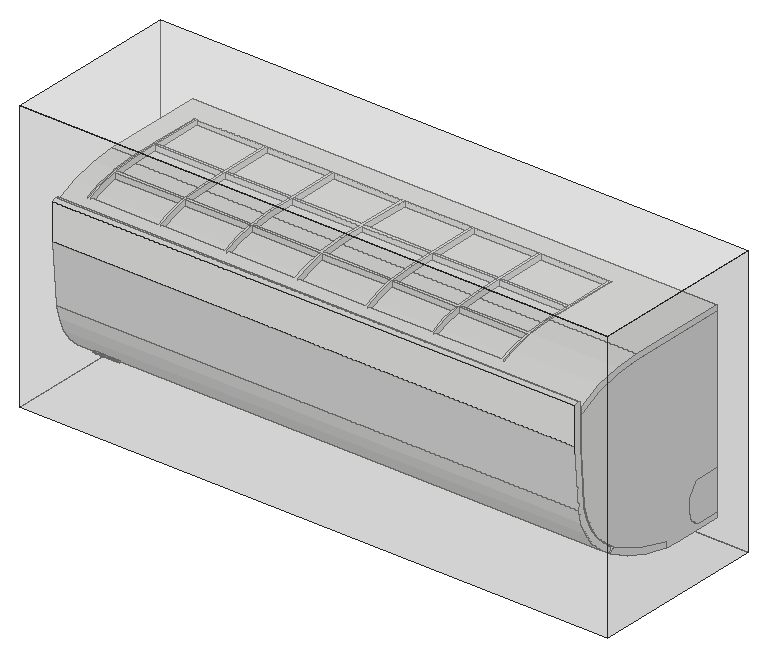
Revit family "outputfile", category 機械設備, Revit 2024
Family settings
  丸型コネクタ寸法 = 半径を使用
  パーツ タイプ = 標準
  OmniClass 番号 = 23.75.10.24.21.27.27
  OmniClass タイトル = Split System Air Conditioning Units
  作業面ベース = いいえ
  常に垂直 = はい
  ロード時にボイドで切り取り = いいえ
  注釈の向きを維持 = いいえ
  共有 = いいえ
  部屋計算ポイント = いいえ
Parameters (values of type "FXAQ25AVMS")
  Description = ""
  製造元 = "Daikin"
  書き出し IFC クラス(タイプ) = "IfcUnitaryEquipmentType"
  定義済み IFC タイプ(タイプ) = "AIRCONDITIONINGUNIT"
  Cost = 0
  モデル = "FXAQ25AVMS"
  Type Comments = ""
  Keynote = ""
  Type Image = (empty or 0)
  Assembly Code = ""
  w3_Indoor air flow = if(Width = 1050.0 mm, 109.0 mm, 1.0 mm)  # 1.0 mm
  w2_Indoor air flow = if(Width = 1050.0 mm, 103.0 mm, 98.0 mm)  # 98.0 mm
  w1_Indoor air flow = if(Width = 1050.0 mm, 108.0 mm, 103.0 mm)  # 103.0 mm
  r_Liquid Pipe Size = Liquid Pipe Size / 2  # 3.2 mm
  r_Gas Pipe Size = Gas Pipe Size / 2  # 6.35 mm
  r_Drain Pipe Size = Drain Pipe Size / 2  # 7.5 mm
  lw_powersupply [instance] = if(Width = 795.0 mm, if(or(Rear Right Connection_refrigerant, Bottom Right Connection_refrigerant), 83.0 mm, if(or(Rear Left Connection_refrigerant, Bottom Left Connection_refrigerant), 740.0 mm, 400.0 mm)), if(Width = 1050.0 mm, if(or(Rear Right Connection_refrigerant, Bottom Right Connection_refrigerant), 83.0 mm, if(or(Rear Left Connection_refrigerant, Bottom Left Connection_refrigerant), 712.0 mm + (1050.0 mm - 795.0 mm), 400.0 mm)), if(or(Rear Right Connection_refrigerant, Bottom Right Connection_refrigerant), 83.0 mm, if(or(Rear Left Connection_refrigerant, Bottom Left Connection_refrigerant), 712.0 mm, 400.0 mm))))  # 400.0 mm
  lw_liquidpipe [instance] = if(Width = 795.0 mm, if(or(Rear Right Connection_refrigerant, Bottom Right Connection_refrigerant), 0.0 mm, if(or(Rear Left Connection_refrigerant, Bottom Left Connection_refrigerant), 627.0 mm, 460.0 mm)), if(Width = 1050.0 mm, if(or(Rear Right Connection_refrigerant, Bottom Right Connection_refrigerant), 0.0 mm, if(or(Rear Left Connection_refrigerant, Bottom Left Connection_refrigerant), 627.0 mm + (1050.0 mm - 795.0 mm), 460.0 mm)), if(or(Rear Right Connection_refrigerant, Bottom Right Connection_refrigerant), 0.0 mm, if(or(Rear Left Connection_refrigerant, Bottom Left Connection_refrigerant), 627.0 mm, 460.0 mm))))  # 460.0 mm
  lw_gaspipe [instance] = if(Width = 795.0 mm, if(or(Rear Right Connection_refrigerant, Bottom Right Connection_refrigerant), 0.0 mm, if(or(Rear Left Connection_refrigerant, Bottom Left Connection_refrigerant), 620.0 mm, 415.0 mm)), if(Width = 1050.0 mm, if(or(Rear Right Connection_refrigerant, Bottom Right Connection_refrigerant), 0.0 mm, if(or(Rear Left Connection_refrigerant, Bottom Left Connection_refrigerant), 620.0 mm + (1050.0 mm - 795.0 mm), 415.0 mm)), if(or(Rear Right Connection_refrigerant, Bottom Right Connection_refrigerant), 0.0 mm, if(or(Rear Left Connection_refrigerant, Bottom Left Connection_refrigerant), 620.0 mm, 415.0 mm))))  # 415.0 mm
  lw_drainpipe [instance] = if(Width = 795.0 mm, if(or(Rear Right Connection_refrigerant, Bottom Right Connection_refrigerant), 0.0 mm, if(or(Rear Left Connection_refrigerant, Bottom Left Connection_refrigerant), 655.0 mm, 475.0 mm)), if(Width = 1050.0 mm, if(or(Rear Right Connection_refrigerant, Bottom Right Connection_refrigerant), 0.0 mm, if(or(Rear Left Connection_refrigerant, Bottom Left Connection_refrigerant), 655.0 mm + (1050.0 mm - 795.0 mm), 475.0 mm)), if(or(Rear Right Connection_refrigerant, Bottom Right Connection_refrigerant), 0.0 mm, if(or(Rear Left Connection_refrigerant, Bottom Left Connection_refrigerant), 655.0 mm, 475.0 mm))))  # 475.0 mm
  l_powersupply_length [instance] = if(Width = 795.0 mm, if(Right Connection_refrigerant, 400.0 mm, if(Left Connection_refrigerant, 395.0 mm, if(or(Rear Left Connection_refrigerant, Rear Right Connection_refrigerant), 15.0 mm, 50.0 mm))), if(Width = 1050.0 mm, if(Right Connection_refrigerant, 400.0 mm, if(Left Connection_refrigerant, 395.0 mm + (1050.0 mm - 795.0 mm), if(or(Rear Left Connection_refrigerant, Rear Right Connection_refrigerant), 15.0 mm, 50.0 mm))), if(Right Connection_refrigerant, 400.0 mm, if(Left Connection_refrigerant, 395.0 mm, if(or(Rear Left Connection_refrigerant, Rear Right Connection_refrigerant), 15.0 mm, 50.0 mm)))))  # 400.0 mm
  l_liquidpipe_length [instance] = if(Width = 795.0 mm, if(Right Connection_refrigerant, 558.0 mm, if(Left Connection_refrigerant, 237.0 mm, if(or(Rear Left Connection_refrigerant, Rear Right Connection_refrigerant), 30.0 mm, 40.0 mm))), if(Width = 1050.0 mm, if(Right Connection_refrigerant, 558.0 mm, if(Left Connection_refrigerant, 237.0 mm + (1050.0 mm - 795.0 mm), if(or(Rear Left Connection_refrigerant, Rear Right Connection_refrigerant), 30.0 mm, 40.0 mm))), if(Right Connection_refrigerant, 558.0 mm, if(Left Connection_refrigerant, 237.0 mm, if(or(Rear Left Connection_refrigerant, Rear Right Connection_refrigerant), 30.0 mm, 40.0 mm)))))  # 558.0 mm
  l_gaspipe_length [instance] = if(Width = 795.0 mm, if(Right Connection_refrigerant, 513.0 mm, if(Left Connection_refrigerant, 282.0 mm, if(or(Rear Left Connection_refrigerant, Rear Right Connection_refrigerant), 40.0 mm, 50.0 mm))), if(Width = 1050.0 mm, if(Right Connection_refrigerant, 513.0 mm, if(Left Connection_refrigerant, 282.0 mm + (1050.0 mm - 795.0 mm), if(or(Rear Left Connection_refrigerant, Rear Right Connection_refrigerant), 40.0 mm, 50.0 mm))), if(Right Connection_refrigerant, 513.0 mm, if(Left Connection_refrigerant, 282.0 mm, if(or(Rear Left Connection_refrigerant, Rear Right Connection_refrigerant), 40.0 mm, 50.0 mm)))))  # 513.0 mm
  l_drainpipe_length [instance] = if(Width = 795.0 mm, if(Right Connection_refrigerant, 573.0 mm, if(Left Connection_refrigerant, 222.0 mm, if(or(Rear Left Connection_refrigerant, Rear Right Connection_refrigerant), 15.0 mm, 20.0 mm))), if(Width = 1050.0 mm, if(Right Connection_refrigerant, 573.0 mm, if(Left Connection_refrigerant, 222.0 mm + (1050.0 mm - 795.0 mm), if(or(Rear Left Connection_refrigerant, Rear Right Connection_refrigerant), 15.0 mm, 20.0 mm))), if(Right Connection_refrigerant, 573.0 mm, if(Left Connection_refrigerant, 477.0 mm, if(or(Rear Left Connection_refrigerant, Rear Right Connection_refrigerant), 15.0 mm, 20.0 mm)))))  # 573.0 mm
  h*** = 0.0 mm  # constant formula
  d1_Indoor air flow = if(Width = 1050.0 mm, 38.0 mm, 35.0 mm)  # 35.0 mm
  angle_vertical [instance] = if(or(Bottom Left Connection_refrigerant, Bottom Right Connection_refrigerant), 0.00°, 90.00°)  # 90.00°
  angle_horizontal [instance] = if(Right Connection_refrigerant, 90.00°, if(Left Connection_refrigerant, -90.00°, if(or(Rear Left Connection_refrigerant, Rear Right Connection_refrigerant), 180.00°, 0.00°)))  # 90.00°
  Width = 795.0 mm
  Voltage_comment_50Hz = "220-240"
  Voltage_50Hz = 230 V
  Version = "ver.1.0"
  Unit Type = "Wall Mounted Type"
  Unit Mass Weight = 12.00 kg
  Unit Designation [instance] = ""
  Uniclass2015Version = "Products v1.30"
  Uniclass2015Title = "Variable refrigerant flow units"
  Uniclass2015Code = "Pr_70_65_03_94"
  URL = ""
  Total Heating Capacity [instance] = 0.000 kW
  Total Cooling Capacity [instance] = 0.000 kW
  Sound Pressure Level_M speed (dBA) = 0
  Sound Pressure Level_L speed (dBA) = 28.5
  Sound Pressure Level_H speed (dBA) = 35
  Sound Power Level_H speed (dB) = 0
  Series = "VRV Fan Coil Unit"
  Sensible Cooling Capacity [instance] = 0.000 kW
  Refrigerant Type = "R410A"
  Power Input (Heating) = 0.040 kW
  Power Input (Cooling) = 0.040 kW
  Phase_50Hz = 1
  Option Accessory 3 [instance] = ""
  Option Accessory 2 [instance] = ""
  Option Accessory 1 [instance] = ""
  Nominal Heating Capacity = 3.200 kW
  Nominal Cooling Capacity = 2.800 kW
  Minimum Circuit Amps_50Hz = 0.6 A
  Minimum Airflow = 420.00 m³/h
  Median Airflow = 0.00 m³/h
  Maximum Fuse Amps_50Hz = 15.0 A
  Maximum Airflow = 564.00 m³/h
  Material_Casing = DAIKIN_White_Casing_indoorunit
  Load Classification = HVAC
  Liquid Pipe Size = 6.4 mm
  Link_Nested Family [instance] = ""
  IfcVersion = "0"
  IfcExportType = "AIRCONDITIONINGUNIT"
  IfcExportAs = "IfcUnitaryEquipmentType"
  Height = 290.0 mm
  Heating Entering Wet Bulb Temperature [instance] = 0.00 °C
  Heating Entering Dry Bulb Temperature [instance] = 0.00 °C
  Heating Ambient Wet Bulb Temperature [instance] = 0.00 °C
  Heating Ambient Dry Bulb Temperature [instance] = 0.00 °C
  Heat Exchanger Type = "Cross Fin Coil"
  Gas Pipe Size = 12.7 mm
  Frequency_50Hz = 50 Hz
  Fan Type = "Cross Flow Fan"
  Fan Drive = "Direct Drive"
  FCU Tag No. [instance] = ""
  Drain Pipe Size = 15.0 mm
  Design Supply Airflow [instance] = 0.00 m³/h
  Depth = 266.0 mm
  既定の高さ = 0.0 mm
  Cooling Entering Wet Bulb Temperature [instance] = 0.00 °C
  Cooling Entering Dry Bulb Temperature [instance] = 0.00 °C
  Cooling Ambient Wet Bulb Temperature [instance] = 0.00 °C
  Cooling Ambient Dry Bulb Temperature [instance] = 0.00 °C
  Clearance visibility [instance] = yes
  Clearance Top = 90.0 mm
  Clearance Right = 50.0 mm
  Clearance Rear = 0.0 mm
  Clearance Left = 50.0 mm
  Clearance Front = 0.0 mm
  Clearance Bottom = 30.0 mm
  Bottom Right Connection_refrigerant [instance] = no
  Bottom Left Connection_refrigerant [instance] = no
  Rear Right Connection_refrigerant [instance] = no
  Rear Left Connection_refrigerant [instance] = no
  Right Connection_refrigerant [instance] = yes
  Left Connection_refrigerant [instance] = no
Reference planes
  plane 1 "Back": y = 0
  plane 2: z = 0
  plane 3 "Center (Left/Right)": x = 0
  plane 4 "Center (Front/Back)": y = -133
  plane 5 "Front": y = -266
  plane 6 "Left": x = -397.5
  plane 7 "Right": x = 397.5
  plane 8 "Top": z = 0
  plane 9 "Bottom": z = -290
  plane 10 "Front panel_Left": x = -395.5
  plane 11 "Front panel_Right": x = 395.5
  plane 12: x = 261.5
  plane 13: x = 256.5
  plane 14: x = -445.5
  plane 15: x = 445.5
  plane 16: y = 0
  plane 17: y = -266
  plane 18: z = 90
  plane 19: z = -320
  plane 20: y = -35
  plane 21: y = -111.5
  plane 22: y = -187.5
  plane 23: y = -237
  plane 24: y = -115
  plane 25: y = -191
  plane 26: x = -50
  plane 27: x = -52
  plane 28: x = -48
  plane 29: x = 55
  plane 30: x = -155
  plane 31: x = -158
  plane 32: x = 58
  plane 33: x = -256
  plane 34: x = 156
  plane 35: x = -259
  plane 36: x = 159
  plane 37: x = -362
  plane 38: x = 262
  plane 39: x = -365
  plane 40: x = 265
  plane 41: x = 266
  plane 42: x = -366
  plane 43 "lw_Piping and Wiring intake": x = 299.5
  plane 44 "lw_gaspipe": x = -115.5
  plane 45 "lw_liquidpipe": x = -160.5
  plane 46 "lw_drainpipe": x = -175.5
  plane 47 "lh_drainpipe": z = -270
  plane 48 "lh_liquidpipe": z = -250
  plane 49 "lh_gaspipe": z = -240
  plane 50 "ld_drainpipe": y = -15
  plane 51 "ld_liquidpipe": y = -30
  plane 52 "ld_gaspipe": y = -40
  plane 53 "lw_powersupply": x = -2.5
Forms (mm)
  Extrusion 1, solid, material "DAIKIN_White_Casing_indoorunit" <- "Material_Casing"
    sketch origin (0, 0, 0) x (0, 1, 0) y (0, 0, 1)
      loop
        line (0, 0) -> (-151.682, 0)
        arc (-151.682, 0) -> (-205.302, -6.828) -> (-255.5, -26.876) r 213.958
        line (-255.5, -26.876) -> (-255.5, -36.08)
        arc (-255.5, -36.08) -> (-205.456, -15.144) -> (-151.682, -8) r 205.958
        line (-151.682, -8) -> (0, -8) -> (0, 0)
    from -397.5 to 397.5
  Extrusion 2, solid, material "DAIKIN_White_Casing_indoorunit" <- "Material_Casing"
    sketch origin (0, 0, 0) x (0, 1, 0) y (0, 0, 1)
      loop
        arc (-151.682, -8) -> (-205.456, -15.144) -> (-255.5, -36.08) r 205.958
        line (-255.5, -36.08) -> (-255.5, -86.08)
        arc (-255.5, -86.08) -> (-253.87, -125.667) -> (-248.99, -164.986) r 481.435
        arc (-248.99, -164.986) -> (-230.945, -209.78) -> (-195.65, -242.741) r 111.486
        arc (-195.65, -242.741) -> (-147.09, -265.96) -> (-95.247, -280.433) r 310.126
        line (-95.247, -280.433) -> (-95.247, -288.232)
        arc (-95.247, -288.232) -> (-84.534, -289.557) -> (-73.748, -290) r 131.592
        line (-73.748, -290) -> (0, -290) -> (0, -8) -> (-151.682, -8)
    from -397.5 to 397.5
  Extrusion 3, solid, material "DAIKIN_White_Casing_indoorunit" <- "Material_Casing"
    sketch origin (397.5, 1296.25, 1200) x (0, 1, 0) y (0, 0, 1)
      loop
        line (-1491.901, -1442.741) -> (-1496.494, -1450.482)
        arc (-1496.494, -1450.482) -> (-1447.058, -1474.911) -> (-1393.497, -1488.023) r 252.452
        line (-1393.497, -1488.023) -> (-1393.497, -1480.051)
        arc (-1393.497, -1480.051) -> (-1444.293, -1465.6) -> (-1491.901, -1442.741) r 310.126
    from 0 to -40.5
  Extrusion 4, solid, material "DAIKIN_White_Casing_indoorunit" <- "Material_Casing"
    sketch origin (0, 0, 0) x (0, 1, 0) y (0, 0, 1)
      loop
        line (-257, -76.896) -> (-257, -19.457) -> (-258.688, -19.457)
        arc (-258.688, -19.457) -> (-262.551, -20.17) -> (-266, -22.048) r 12.48
        line (-266, -22.048) -> (-266, -76.896) -> (-257, -76.896)
    from -395.5 to 395.5
  Extrusion 5, solid, material "DAIKIN_White_Casing_indoorunit" <- "Material_Casing"
    sketch origin (0, 0, 0) x (0, 1, 0) y (0, 0, 1)
      loop
        arc (-266, -76.896) -> (-264.342, -121.828) -> (-259.378, -166.517) r 609.735
        line (-259.378, -166.517) -> (-250.471, -165.192)
        arc (-250.471, -165.192) -> (-255.366, -121.165) -> (-257, -76.896) r 600.314
        line (-257, -76.896) -> (-266, -76.896)
    from -395.5 to 395.5
  Extrusion 6, solid, material "DAIKIN_White_Casing_indoorunit" <- "Material_Casing"
    sketch origin (0, 0, 0) x (0, 1, 0) y (0, 0, 1)
      loop
        arc (-259.378, -166.517) -> (-240.331, -214.672) -> (-201.947, -249.433) r 114
        line (-201.947, -249.433) -> (-197.324, -241.643)
        arc (-197.324, -241.643) -> (-232.845, -209.638) -> (-250.471, -165.192) r 104.894
        line (-250.471, -165.192) -> (-259.378, -166.517)
    from -395.5 to 395.5
  Extrusion 7, solid, material "DAIKIN_White_Casing_indoorunit" <- "Material_Casing"
    sketch origin (-397.5, 1296.25, 1200) x (0, 1, 0) y (0, 0, 1)
      loop
        arc (-1496.494, -1450.482) -> (-1447.058, -1474.911) -> (-1393.497, -1488.023) r 252.452
        line (-1393.497, -1488.023) -> (-1393.497, -1480.051)
        arc (-1393.497, -1480.051) -> (-1444.293, -1465.6) -> (-1491.901, -1442.741) r 310.126
        line (-1491.901, -1442.741) -> (-1496.494, -1450.482)
    from 0 to 40.5
  Extrusion 8, solid, material "DAIKIN_White_Casing_indoorunit" <- "Material_Casing"
    sketch origin (0, 0, 0) x (0, 1, 0) y (0, 0, 1)
      loop
        arc (-133.049, -280.649) -> (-115.282, -284.985) -> (-97.247, -288.023) r 252.452
        line (-97.247, -288.023) -> (-97.247, -280.051)
        arc (-97.247, -280.051) -> (-113.907, -276.335) -> (-130.338, -271.708) r 310.126
        line (-130.338, -271.708) -> (-133.049, -280.649)
    from -357 to 357
  Extrusion 9, solid, material "DAIKIN_White_Casing_indoorunit" <- "Material_Casing"
    sketch origin (261.5, -1524, 1789.769) x (0, 0, 1) y (0, -1, 0)
      loop
        line (-2032.51, -1328.35) -> (-2040.251, -1323.756)
        arc (-2040.251, -1323.756) -> (-2050.358, -1341.058) -> (-2059.061, -1359.107) r 252.452
        line (-2059.061, -1359.107) -> (-2050.603, -1364.126)
        arc (-2050.603, -1364.126) -> (-2042.135, -1345.945) -> (-2032.51, -1328.35) r 310.126
    from 0 to 95.5
  Extrusion 10, solid, material "DAIKIN_White_Casing_indoorunit" <- "Material_Casing"
    sketch origin (261.5, -1524, 1789.769) x (0, 0, 1) y (0, -1, 0)
      loop
        arc (-2059.061, -1359.107) -> (-2065.273, -1374.839) -> (-2070.418, -1390.951) r 252.452
        line (-2070.418, -1390.951) -> (-2061.477, -1393.662)
        arc (-2061.477, -1393.662) -> (-2056.415, -1378.756) -> (-2050.603, -1364.126) r 310.126
        line (-2050.603, -1364.126) -> (-2059.061, -1359.107)
    from 0 to 95.5
  Extrusion 11, solid, material "DAIKIN_White_Casing_indoorunit" <- "Material_Casing"
    sketch origin (256.5, -1524, 1089.438) x (0, 0, 1) y (0, -1, 0)
      loop
        arc (-1350.272, -1364.126) -> (-1341.805, -1345.945) -> (-1332.179, -1328.35) r 310.126
        line (-1332.179, -1328.35) -> (-1339.92, -1323.756)
        arc (-1339.92, -1323.756) -> (-1350.027, -1341.058) -> (-1358.73, -1359.107) r 252.452
        line (-1358.73, -1359.107) -> (-1350.272, -1364.126)
    from 0 to -613.5
  Extrusion 12, solid, material "DAIKIN_White_Casing_indoorunit" <- "Material_Casing"
    sketch origin (256.5, -1524, 1089.438) x (0, 0, 1) y (0, -1, 0)
      loop
        arc (-1361.147, -1393.662) -> (-1356.085, -1378.756) -> (-1350.272, -1364.126) r 310.126
        line (-1350.272, -1364.126) -> (-1358.73, -1359.107)
        arc (-1358.73, -1359.107) -> (-1364.943, -1374.839) -> (-1370.087, -1390.951) r 252.452
        line (-1370.087, -1390.951) -> (-1361.147, -1393.662)
    from 0 to -613.5
  Extrusion 13, void
    sketch origin (0, 0, 0) x (-1, 0, 0) y (0, -1, 0)
      loop
        line (48, 35) -> (48, 111.5) -> (-55, 111.5) -> (-55, 35) -> (48, 35)
      loop
        line (-58, 35) -> (-58, 111.5) -> (-156, 111.5) -> (-156, 35) -> (-58, 35)
      loop
        line (-159, 35) -> (-159, 111.5) -> (-262, 111.5) -> (-262, 35) -> (-159, 35)
      loop
        line (-265, 35) -> (-265, 111.5) -> (-266, 111.5) -> (-266, 35) -> (-265, 35)
      loop
        line (155, 35) -> (155, 111.5) -> (52, 111.5) -> (52, 35) -> (155, 35)
      loop
        line (-265, 115) -> (-265, 187.5) -> (-266, 187.5) -> (-266, 115) -> (-265, 115)
      loop
        line (-265, 191) -> (-265, 237) -> (-266, 237) -> (-266, 191) -> (-265, 191)
      loop
        line (-159, 237) -> (-262, 237) -> (-262, 191) -> (-159, 191) -> (-159, 237)
      loop
        line (-58, 237) -> (-156, 237) -> (-156, 191) -> (-58, 191) -> (-58, 237)
      loop
        line (-55, 191) -> (48, 191) -> (48, 237) -> (-55, 237) -> (-55, 191)
      loop
        line (155, 237) -> (52, 237) -> (52, 191) -> (155, 191) -> (155, 237)
      loop
        line (256, 237) -> (158, 237) -> (158, 191) -> (256, 191) -> (256, 237)
      loop
        line (362, 237) -> (259, 237) -> (259, 191) -> (362, 191) -> (362, 237)
      loop
        line (158, 35) -> (256, 35) -> (256, 111.5) -> (158, 111.5) -> (158, 35)
      loop
        line (259, 35) -> (362, 35) -> (362, 111.5) -> (259, 111.5) -> (259, 35)
      loop
        line (362, 115) -> (362, 187.5) -> (259, 187.5) -> (259, 115) -> (362, 115)
      loop
        line (256, 115) -> (256, 187.5) -> (158, 187.5) -> (158, 115) -> (256, 115)
      loop
        line (155, 115) -> (155, 187.5) -> (52, 187.5) -> (52, 115) -> (155, 115)
      loop
        line (48, 115) -> (48, 187.5) -> (-55, 187.5) -> (-55, 115) -> (48, 115)
      loop
        line (-58, 115) -> (-58, 187.5) -> (-156, 187.5) -> (-156, 115) -> (-58, 115)
      loop
        line (-159, 115) -> (-159, 187.5) -> (-262, 187.5) -> (-262, 115) -> (-159, 115)
      loop
        line (365, 35) -> (366, 35) -> (366, 111.5) -> (365, 111.5) -> (365, 35)
      loop
        line (366, 115) -> (366, 187.5) -> (365, 187.5) -> (365, 115) -> (366, 115)
      loop
        line (366, 237) -> (365, 237) -> (365, 191) -> (366, 191) -> (366, 237)
    from 2 to -30
  Extrusion 14, solid, material "DAIKIN_White_Casing_indoorunit" <- "Material_Casing"
    sketch origin (0, 0, 0) x (1, 0, 0) y (0, 0, 1)
      loop
        circle (299.5, -246) r 40
      loop
        circle (-337.5, -246) r 40
    from 0 to 5
  Extrusion 15, solid, material "DAIKIN_White_Casing_indoorunit" <- "Material_Casing"
    sketch origin (397.5, 1296.25, 1200) x (0, -1, 0) y (0, 0, 1)
      loop
        line (1326.25, -1422) -> (1296.25, -1422) -> (1296.25, -1482) -> (1326.25, -1482)
        arc (1326.25, -1482) -> (1340.393, -1476.142) -> (1346.25, -1462) r 20
        line (1346.25, -1462) -> (1346.25, -1442)
        arc (1346.25, -1442) -> (1340.393, -1427.858) -> (1326.25, -1422) r 20
    from 0 to 5
  Extrusion 16, solid, material "DAIKIN_White_Casing_indoorunit" <- "Material_Casing"
    sketch origin (-397.5, 1296.25, 1200) x (0, 1, 0) y (0, 0, 1)
      loop
        line (-1296.25, -1422) -> (-1326.25, -1422)
        arc (-1326.25, -1422) -> (-1340.393, -1427.858) -> (-1346.25, -1442) r 20
        line (-1346.25, -1442) -> (-1346.25, -1462)
        arc (-1346.25, -1462) -> (-1340.393, -1476.142) -> (-1326.25, -1482) r 20
        line (-1326.25, -1482) -> (-1296.25, -1482) -> (-1296.25, -1422)
    from 0 to 5
  Extrusion 17, solid, material "DAIKIN_White_Casing_indoorunit" <- "Material_Casing"
    sketch origin (0, 0, -290) x (-1, 0, 0) y (0, -1, 0)
      loop
        line (-269.5, 0) -> (-269.5, 30)
        arc (-269.5, 30) -> (-275.358, 44.142) -> (-289.5, 50) r 20
        line (-289.5, 50) -> (-309.5, 50)
        arc (-309.5, 50) -> (-323.642, 44.142) -> (-329.5, 30) r 20
        line (-329.5, 30) -> (-329.5, 0) -> (-269.5, 0)
      loop
        line (367.5, 0) -> (367.5, 30)
        arc (367.5, 30) -> (361.642, 44.142) -> (347.5, 50) r 20
        line (347.5, 50) -> (327.5, 50)
        arc (327.5, 50) -> (313.358, 44.142) -> (307.5, 30) r 20
        line (307.5, 30) -> (307.5, 0) -> (367.5, 0)
    from 0 to 5
Cuts and joins
  joined: Extrusion 4, Extrusion 5, Extrusion 6
  joined: Extrusion 3, Extrusion 7, Extrusion 8
  Extrusion 13 cuts Extrusion 1
Lines and regions (mm)
  reference lines
    curve 1: line (-395.5, -227.394, -229.966) -> (-395.5, -220.117, -236.824)
Dimensions and locks
  equal spacing: plane 6 "Left", plane 3 "Center (Left/Right)", plane 7 "Right"
  "Width": plane 6 "Left" to plane 7 "Right"
  equal spacing: plane 5 "Front", plane 4 "Center (Front/Back)", plane 1 "Back"
  "Depth": plane 5 "Front" to plane 1 "Back"
  "Height": plane 8 "Top" to plane 9 "Bottom"
  locked: Extrusion 1 sketch curve to Extrusion 1 sketch curve at 8
  locked: Extrusion 2 sketch curve to plane 1 "Back" at 73.748
  locked: Extrusion 3 sketch curve to plane 1 "Back" at 97.247
  locked: Extrusion 4 sketch curve to Extrusion 4 sketch curve at 9
  locked: plane 8 "Top" to Extrusion 4 sketch curve at 19.457
  locked: plane 5 "Front" to Extrusion 6 sketch curve at 6.622
  locked: plane 5 "Front" to Extrusion 6 sketch curve at 15.529
  locked: plane 10 "Front panel_Left" to plane 6 "Left" at 2
  locked: plane 7 "Right" to plane 11 "Front panel_Right" at 2
  locked: cut or joined group of Extrusion 3, Extrusion 7, Extrusion 8 to Extrusion 9 sketch curve at 40
  locked: plane 7 "Right" to plane 12 at 136
  locked: plane 12 to plane 13 at 5
  "Clearance Left": plane 14 to plane 10 "Front panel_Left"
  "Clearance Right": plane 11 "Front panel_Right" to plane 15
  "Clearance Rear": plane 16 to plane 1 "Back"
  "Clearance Front": plane 17 to plane 5 "Front"
  "Clearance Top": plane 18 to plane 8 "Top"
  "Clearance Bottom": plane 9 "Bottom" to plane 19
  locked: nested 2 to plane 10 "Front panel_Left" at 50
  "d1_Indoor air flow": plane 20 to plane 1 "Back"
  locked: plane 20 to plane 21 at 76.5
  locked: plane 21 to plane 24 at 3.5
  locked: plane 24 to plane 22 at 72.5
  locked: plane 22 to plane 25 at 3.5
  locked: plane 25 to plane 23 at 46
  locked: plane 26 to plane 3 "Center (Left/Right)" at 50
  equal spacing: plane 27, plane 26, plane 28
  locked: plane 27 to plane 28 at 4
  "w1_Indoor air flow": plane 28 to plane 29
  "w1_Indoor air flow": plane 30 to plane 27
  locked: plane 31 to plane 30 at 3
  locked: plane 29 to plane 32 at 3
  "w2_Indoor air flow": plane 33 to plane 31
  "w2_Indoor air flow": plane 32 to plane 34
  locked: plane 35 to plane 33 at 3
  locked: plane 34 to plane 36 at 3
  locked: plane 37 to plane 35 at 103
  locked: plane 36 to plane 38 at 103
  locked: plane 39 to plane 37 at 3
  locked: plane 38 to plane 40 at 3
  "w3_Indoor air flow": plane 40 to plane 41
  "w3_Indoor air flow": plane 42 to plane 39
  locked: plane 9 "Bottom" to Extrusion 14 sketch curve at 44  (x2)
  locked: Extrusion 14 sketch curve to plane 6 "Left" at 60
  locked: plane 7 "Right" to Extrusion 14 sketch curve at 98
  locked: plane 43 "lw_Piping and Wiring intake" to plane 7 "Right" at 98
  "lw_gaspipe": plane 44 "lw_gaspipe" to plane 43 "lw_Piping and Wiring intake"
  "lw_liquidpipe": plane 45 "lw_liquidpipe" to plane 43 "lw_Piping and Wiring intake"
  "lw_drainpipe": plane 46 "lw_drainpipe" to plane 43 "lw_Piping and Wiring intake"
  locked: plane 47 "lh_drainpipe" to plane 9 "Bottom" at 20
  locked: plane 48 "lh_liquidpipe" to plane 9 "Bottom" at 40
  locked: plane 49 "lh_gaspipe" to plane 9 "Bottom" at 50
  locked: plane 50 "ld_drainpipe" to plane 1 "Back" at 15
  locked: plane 1 "Back" to plane 51 "ld_liquidpipe" at 30
  locked: plane 1 "Back" to plane 52 "ld_gaspipe" at 40
  Extrusion 15 sketch curve to Extrusion 15 sketch curve to plane 9 "Bottom" = 60.0 mm locked, 8.0 mm locked
  locked: Extrusion 15 sketch curve to Extrusion 15 sketch curve at 50
  locked: Extrusion 17 sketch curve to Extrusion 17 sketch curve at 60  (x2)
  locked: Extrusion 17 sketch curve to Extrusion 17 sketch curve at 50
  locked: Extrusion 17 sketch curve to plane 43 "lw_Piping and Wiring intake" at 30
  locked: plane 6 "Left" to Extrusion 17 sketch curve at 30
  "lw_powersupply": plane 53 "lw_powersupply" to plane 7 "Right"
  radius of Extrusion 5 sketch curve = 609.735 mm
  radius of Extrusion 5 sketch curve = 600.314 mm
  aligned and locked: level to plane 2
  aligned and locked: plane 8 "Top" to Extrusion 1 sketch curve
  aligned and locked: plane 1 "Back" to Extrusion 1 sketch curve
  aligned and locked: Extrusion 1 to plane 6 "Left"
  aligned and locked: plane 7 "Right" to Extrusion 1
  aligned and locked: Extrusion 2 sketch curve to Extrusion 1
  aligned and locked: Extrusion 1 to Extrusion 2 sketch curve
  aligned and locked: plane 1 "Back" to Extrusion 2 sketch curve
  aligned and locked: Extrusion 2 sketch curve to plane 9 "Bottom"
  aligned and locked: Extrusion 2 to plane 6 "Left"
  aligned and locked: plane 7 "Right" to Extrusion 2
  aligned and locked: Extrusion 3 sketch curve to Extrusion 2
  aligned and locked: plane 5 "Front" to Extrusion 4 sketch curve
  aligned and locked: Extrusion 5 sketch curve to Extrusion 4
  aligned and locked: Extrusion 6 sketch curve to Extrusion 5
  aligned and locked: cut or joined group of Extrusion 4, Extrusion 5, Extrusion 6 to plane 11 "Front panel_Right"  (x3)
  aligned and locked: plane 10 "Front panel_Left" to cut or joined group of Extrusion 4, Extrusion 5, Extrusion 6  (x3)
  aligned and locked: Extrusion 7 sketch curve to Extrusion 3  (x4)
  aligned and locked: Extrusion 8 sketch curve to Extrusion 3  (x3)
  aligned and locked: Extrusion 8 to Extrusion 3
  aligned and locked: Extrusion 8 to Extrusion 7
  aligned and locked: Extrusion 9 sketch curve to cut or joined group of Extrusion 3, Extrusion 7, Extrusion 8  (x3)
  aligned and locked: Extrusion 10 sketch curve to cut or joined group of Extrusion 3, Extrusion 7, Extrusion 8  (x3)
  aligned and locked: Extrusion 10 sketch curve to Extrusion 9
  aligned and locked: Extrusion 9 to cut or joined group of Extrusion 3, Extrusion 7, Extrusion 8
  aligned and locked: Extrusion 10 to cut or joined group of Extrusion 3, Extrusion 7, Extrusion 8
  aligned and locked: Extrusion 11 sketch curve to Extrusion 9  (x4)
  aligned and locked: Extrusion 11 to cut or joined group of Extrusion 3, Extrusion 7, Extrusion 8
  aligned and locked: Extrusion 12 sketch curve to Extrusion 10  (x4)
  aligned and locked: Extrusion 12 to cut or joined group of Extrusion 3, Extrusion 7, Extrusion 8
  aligned and locked: plane 16 to nested 1
  aligned and locked: nested 1 to plane 17
  aligned and locked: plane 14 to nested 1
  aligned and locked: plane 15 to nested 1
  aligned and locked: plane 19 to nested 1
  aligned and locked: plane 18 to nested 1
  aligned and locked: nested 2 to curve 1
  aligned and locked: Extrusion 13 sketch curve to plane 20  (x5)
  aligned and locked: plane 28 to Extrusion 13 sketch curve  (x2)
  aligned and locked: plane 21 to Extrusion 13 sketch curve  (x5)
  aligned and locked: Extrusion 13 sketch curve to plane 29  (x2)
  aligned and locked: plane 32 to Extrusion 13 sketch curve  (x2)
  aligned and locked: Extrusion 13 sketch curve to plane 34  (x2)
  aligned and locked: plane 36 to Extrusion 13 sketch curve  (x2)
  aligned and locked: Extrusion 13 sketch curve to plane 38  (x2)
  aligned and locked: plane 40 to Extrusion 13 sketch curve  (x3)
  aligned and locked: Extrusion 13 sketch curve to plane 41  (x3)
  aligned and locked: plane 30 to Extrusion 13 sketch curve  (x2)
  aligned and locked: Extrusion 13 sketch curve to plane 27  (x2)
  aligned and locked: Extrusion 13 sketch curve to plane 24  (x8)
  aligned and locked: plane 22 to Extrusion 13 sketch curve  (x8)
  aligned and locked: Extrusion 13 sketch curve to plane 25
  aligned and locked: plane 23 to Extrusion 13 sketch curve
  aligned and locked: Extrusion 13 sketch curve to plane 23  (x7)
  aligned and locked: Extrusion 13 sketch curve to plane 36
  aligned and locked: plane 25 to Extrusion 13 sketch curve  (x7)
  aligned and locked: plane 38 to Extrusion 13 sketch curve
  aligned and locked: Extrusion 13 sketch curve to plane 32
  aligned and locked: plane 34 to Extrusion 13 sketch curve
  aligned and locked: plane 29 to Extrusion 13 sketch curve
  aligned and locked: Extrusion 13 sketch curve to plane 28
  aligned and locked: Extrusion 13 sketch curve to plane 30
  aligned and locked: plane 27 to Extrusion 13 sketch curve
  aligned and locked: Extrusion 13 sketch curve to plane 33  (x2)
  aligned and locked: plane 31 to Extrusion 13 sketch curve  (x2)
  aligned and locked: Extrusion 13 sketch curve to plane 37  (x2)
  aligned and locked: plane 35 to Extrusion 13 sketch curve  (x2)
  aligned and locked: plane 20 to Extrusion 13 sketch curve  (x3)
  aligned and locked: Extrusion 13 sketch curve to plane 21  (x3)
  aligned and locked: plane 37 to Extrusion 13 sketch curve
  aligned and locked: Extrusion 13 sketch curve to plane 35
  aligned and locked: plane 33 to Extrusion 13 sketch curve
  aligned and locked: Extrusion 13 sketch curve to plane 31
  aligned and locked: plane 39 to Extrusion 13 sketch curve  (x2)
  aligned and locked: Extrusion 13 sketch curve to plane 42  (x2)
  aligned and locked: plane 42 to Extrusion 13 sketch curve
  aligned and locked: Extrusion 13 sketch curve to plane 39
  aligned and locked: plane 1 "Back" to Extrusion 15 sketch curve
  aligned and locked: Extrusion 16 sketch curve to Extrusion 15  (x4)
  aligned and locked: Extrusion 17 sketch curve to Extrusion 17 sketch curve  (x2)
  aligned and locked: plane 1 "Back" to Extrusion 17 sketch curve
  aligned and locked: plane 44 "lw_gaspipe" to nested 3
  aligned and locked: nested 3 to plane 52 "ld_gaspipe"
  aligned and locked: plane 45 "lw_liquidpipe" to nested 4
  aligned and locked: nested 4 to plane 51 "ld_liquidpipe"
  aligned and locked: plane 46 "lw_drainpipe" to nested 5
  aligned and locked: nested 5 to plane 50 "ld_drainpipe"
  aligned and locked: nested 6 to plane 50 "ld_drainpipe"
  aligned and locked: plane 53 "lw_powersupply" to nested 6
  aligned and locked: level to plane 8 "Top"
Automatic sketch dimensions
  Extrusion 1 sketch curve to plane 8 "Top" = 0.0 mm
  Extrusion 1 sketch curve to plane 4 "Center (Front/Back)" = 18.682 mm
  Extrusion 1 sketch curve to Extrusion 1 sketch curve = 9.205 mm
  Extrusion 1 sketch curve to Extrusion 1 sketch curve = 0.0 mm  (x3)
  Extrusion 1 sketch curve to plane 5 "Front" = 10.5 mm
  Extrusion 2 sketch curve to plane 4 "Center (Front/Back)" = 6.011 mm
  plane 9 "Bottom" to Extrusion 2 sketch curve = 9.567 mm
  Extrusion 2 sketch curve to Extrusion 2 sketch curve = 21.499 mm
  plane 1 "Back" to Extrusion 2 sketch curve = 38.095 mm
  Extrusion 2 sketch curve to plane 8 "Top" = 86.08 mm
  Extrusion 2 sketch curve to Extrusion 2 sketch curve = 7.799 mm
  Extrusion 2 sketch curve to Extrusion 2 sketch curve = 11.695 mm
  plane 8 "Top" to Extrusion 2 sketch curve = 24.382 mm
  Extrusion 2 sketch curve to Extrusion 2 sketch curve = 0.0 mm  (x2)
  Extrusion 4 sketch curve to Extrusion 4 sketch curve = 1.688 mm
  Extrusion 4 sketch curve to plane 5 "Front" = 7.618 mm
  Extrusion 4 sketch curve to Extrusion 4 sketch curve = 12.476 mm
  Extrusion 4 sketch curve to Extrusion 4 sketch curve = 44.963 mm
  Extrusion 5 sketch curve to Extrusion 5 sketch curve = 0.421 mm
  Extrusion 5 sketch curve to plane 5 "Front" = 6.622 mm
  Extrusion 5 sketch curve to Extrusion 5 sketch curve = 8.907 mm
  Extrusion 5 sketch curve to plane 5 "Front" = 0.0 mm
  plane 9 "Bottom" to Extrusion 6 sketch curve = 40.567 mm
  Extrusion 6 sketch curve to Extrusion 6 sketch curve = 4.622 mm
  Extrusion 6 sketch curve to Extrusion 6 sketch curve = 0.102 mm
  Extrusion 6 sketch curve to Extrusion 6 sketch curve = 0.003 mm
  Extrusion 6 sketch curve to Extrusion 6 sketch curve = 48.524 mm
  Extrusion 6 sketch curve to Extrusion 6 sketch curve = 50.607 mm
  plane 9 "Bottom" to Extrusion 3 sketch curve = 47.259 mm
  Extrusion 3 sketch curve to Extrusion 3 sketch curve = 4.593 mm
  plane 1 "Back" to Extrusion 3 sketch curve = 64.356 mm
  plane 9 "Bottom" to Extrusion 3 sketch curve = 1.977 mm
  Extrusion 3 sketch curve to Extrusion 3 sketch curve = 7.741 mm
  plane 4 "Center (Front/Back)" to Extrusion 8 sketch curve = 2.662 mm
  Extrusion 8 sketch curve to plane 4 "Center (Front/Back)" = 0.049 mm
  plane 9 "Bottom" to curve 1 = 53.176 mm
  curve 1 to plane 5 "Front" = 45.883 mm
  curve 1 to curve 1 = 6.859 mm
  curve 1 to curve 1 = 7.277 mm
  Extrusion 15 sketch curve to plane 51 "ld_liquidpipe" = 0.0 mm  (x2)
  Extrusion 17 sketch curve to plane 51 "ld_liquidpipe" = 0.0 mm  (x4)
  radius of Extrusion 14 sketch curve = 40.0 mm  (x2)
Nested families
  nested 1: "daikin_clearancespace" at (0, -133, -114.881), show <- "Clearance visibility", visible <- "Clearance visibility", Link_Nested Family <- "Link_Nested Family", type "daikin_clearancespace"
    with width 891.0 mm, show yes, height 410.0 mm, depth 266.0 mm, Link_Nested Family ""
  nested 2: "daikin_logo_plane_w40" at (-345.5, -227.722, -229.657) x (1, 0, 0) z (0, -0.6859, -0.7277), type "daikin_logo_plane_w40"
    with show_logo yes
  nested 3: "daikin_connector_rotate3" at (-115.5, -40, -240), angle_vertical <- "angle_vertical", angle_horizontal <- "angle_horizontal", length <- "l_gaspipe_length", radius <- "r_Gas Pipe Size", type "daikin_connector_rotate3"
    with show no, radius 6.35 mm, length 513.0 mm, angle_vertical 90.00°, angle_horizontal 90.00°
  nested 4: "daikin_connector_rotate3" at (-160.5, -30, -250), angle_vertical <- "angle_vertical", angle_horizontal <- "angle_horizontal", radius <- "r_Liquid Pipe Size", length <- "l_liquidpipe_length", type "daikin_connector_rotate3"
    with show no, radius 3.2 mm, length 558.0 mm, angle_vertical 90.00°, angle_horizontal 90.00°
  nested 5: "daikin_connector_rotate3" at (-175.5, -15, -270), angle_vertical <- "angle_vertical", angle_horizontal <- "angle_horizontal", length <- "l_drainpipe_length", radius <- "r_Drain Pipe Size", type "daikin_connector_rotate3"
    with show no, radius 7.5 mm, length 573.0 mm, angle_vertical 90.00°, angle_horizontal 90.00°
  nested 6: "daikin_connector_rotate3" at (-2.5, -15, -240), angle_vertical <- "angle_vertical", angle_horizontal <- "angle_horizontal", length <- "l_powersupply_length", type "daikin_connector_rotate3"
    with show no, radius 10.0 mm, length 400.0 mm, angle_vertical 90.00°, angle_horizontal 90.00°
Connectors
  piping at (397.5, -40, -240), diameter 12.7, driven by "r_Gas Pipe Size"
    settings: on nested 3, index 1, connector inside diameter 609.6 mm, connector length 0.0 mm, flow factor 0, pipe flow 0.00 m³/h, pressure drop 0.0 Pa, fitting loss kfactor 0, connector angle 0.00°, fixture units 0, engagement length 0.0 mm, angle of deflection 0.00°, flow configuration 1, flow direction 2, fitting loss method 0, system type 29, joint type 0, gender type 0, connector reference index -1, connector utility 0, adjustable connector no, is connector primary yes, connector description "Refrigerant Gas Piping"
  piping at (397.5, -30, -250), diameter 6.4, driven by "r_Liquid Pipe Size"
    settings: on nested 4, index 2, connector inside diameter 609.6 mm, connector length 0.0 mm, flow factor 0, pipe flow 0.00 m³/h, pressure drop 0.0 Pa, fitting loss kfactor 0, connector angle 0.00°, fixture units 0, engagement length 0.0 mm, angle of deflection 0.00°, flow configuration 1, flow direction 1, fitting loss method 0, system type 29, joint type 0, gender type 0, connector reference index -1, connector utility 0, adjustable connector no, is connector primary no, connector description "Refrigerant Liquid Piping"
  piping at (397.5, -15, -270), diameter 15, driven by "r_Drain Pipe Size"
    settings: on nested 5, index 3, connector inside diameter 609.6 mm, connector length 0.0 mm, flow factor 0, pipe flow 0.00 m³/h, pressure drop 0.0 Pa, fitting loss kfactor 0, connector angle 0.00°, fixture units 0, engagement length 0.0 mm, angle of deflection 0.00°, flow configuration 1, flow direction 2, fitting loss method 4, system type 16, joint type 0, gender type 0, connector reference index -1, connector utility 0, adjustable connector no, is connector primary no, connector description "Condensate Drain Piping"
  electrical at (397.5, -15, -240), driven by "Load Classification"
    settings: on nested 6, index 4, voltage 0 V, apparent load 0 VA, apparent load phase1 0 VA, apparent load phase2 0 VA, apparent load phase3 0 VA, power factor 1, load classification "HVAC", number of poles 1, system type 30, power factor state 1, is connector primary yes, connector utility no, sub classification motor no, connector description "Power Supply"
Definition of nested family "daikin_clearancespace"
  Parameters (values of type "daikin_clearancespace")
    Description = "daikin_clearancespace"
    width [instance] = 1823.963 mm
    show [instance] = yes
    material = none
    height [instance] = 1359.762 mm
    depth [instance] = 880.0 mm
    Default Elevation = 0.0 mm
    Link_Nested Family [instance] = ""
  Reference planes
    plane 1 "Center (Front/Back)": y = 0
    plane 2 "Center (Elevation)": z = -0.119
    plane 3 "Center (Left/Right)": x = 0
    plane 4: y = 440
    plane 5: y = -440
    plane 6 "Right": x = 911.982
    plane 7 "Left": x = -911.982
    plane 8 "Top": z = 679.762
    plane 9 "Bottom": z = -680
  Forms (mm)
    Extrusion 1, solid, material <- "material", visible <- "show"
      sketch origin (0, 0, 0) x (1, 0, 0) y (0, 1, 0)
        loop
          line (-911.982, 440) -> (-911.982, -440) -> (911.982, -440) -> (911.982, 440) -> (-911.982, 440)
      from -680 to 679.762
  Lines and regions (mm)
    symbolic lines, visible <- "show"
      curve 1: line (911.982, 440, 0) -> (-911.982, 440, 0)
      curve 2: line (-911.982, 440, 0) -> (-911.982, -440, 0)
      curve 3: line (-911.982, -440, 0) -> (911.982, -440, 0)
      curve 4: line (911.982, -440, 0) -> (911.982, 440, 0)
      curve 5: line (911.982, 0, 679.762) -> (-911.982, 0, 679.762)
      curve 6: line (911.982, 0, -680) -> (911.982, 0, 679.762)
      curve 7: line (-911.982, 0, -680) -> (911.982, 0, -680)
      curve 8: line (-911.982, 0, 679.762) -> (-911.982, 0, -680)
      curve 9: line (0, 440, 679.762) -> (0, -440, 679.762)
      curve 10: line (0, -440, 679.762) -> (0, -440, -680)
      curve 11: line (0, 440, -680) -> (0, 440, 679.762)
      curve 12: line (0, -440, -680) -> (0, 440, -680)
  Dimensions and locks
    "width": plane 7 "Left" to plane 6 "Right"
    "depth": plane 4 to plane 5
    "height": plane 8 "Top" to plane 9 "Bottom"
    equal spacing: plane 7 "Left", plane 3 "Center (Left/Right)", plane 6 "Right"
    equal spacing: plane 4, plane 1 "Center (Front/Back)", plane 5
    equal spacing: plane 8 "Top", plane 2 "Center (Elevation)", plane 9 "Bottom"
    aligned and locked: level to plane 2 "Center (Elevation)"
    aligned and locked: Extrusion 1 sketch curve to plane 4
    aligned and locked: plane 7 "Left" to Extrusion 1 sketch curve
    aligned and locked: Extrusion 1 sketch curve to plane 5
    aligned and locked: Extrusion 1 sketch curve to plane 6 "Right"
    aligned and locked: plane 8 "Top" to Extrusion 1
    aligned and locked: curve 1 to Extrusion 1
    aligned and locked: curve 2 to Extrusion 1
    aligned and locked: curve 3 to Extrusion 1
    aligned and locked: curve 4 to Extrusion 1
    aligned and locked: curve 5 to Extrusion 1
    aligned and locked: curve 6 to Extrusion 1
    aligned and locked: curve 7 to Extrusion 1
    aligned and locked: curve 8 to Extrusion 1
    aligned and locked: curve 9 to Extrusion 1
    aligned and locked: curve 10 to Extrusion 1
    aligned and locked: curve 11 to Extrusion 1
    aligned and locked: curve 12 to Extrusion 1
    aligned and locked: Extrusion 1 to plane 9 "Bottom"
Definition of nested family "daikin_logo_plane_w40"
  Parameters (values of type "daikin_logo_plane_w40")
    width = 40.0 mm
    show_logo [instance] = yes
    material = none
    height = 0.0 mm
    depth = 0.0 mm
    Default Elevation = 1219.2 mm
  Reference planes
    plane 1 "Center (Front/Back)": y = 0
    plane 2: z = 0
    plane 3 "Center (Left/Right)": x = 0
    plane 4: z = 2
    plane 5 "left": x = -19
    plane 6: x = 19
  Forms (mm)
    Extrusion 1, solid, visible <- "show_logo"
      sketch origin (-19, 0, 0) x (1, 0, 0) y (0, 1, 0)
        loop
          line (8.902, -1.878) -> (7.789, -6.332) -> (11.13, -6.332)
          arc (11.13, -6.332) -> (12.454, -6.064) -> (13.472, -5.176) r 2.642
          arc (13.472, -5.176) -> (13.92, -4.02) -> (13.767, -2.79) r 2.537
          arc (13.767, -2.79) -> (13.452, -2.342) -> (12.982, -2.06) r 1.321
          arc (12.982, -2.06) -> (12.063, -1.902) -> (11.13, -1.878) r 6.479
          line (11.13, -1.878) -> (8.902, -1.878)
        loop
          line (10.016, -5.441) -> (10.907, -5.441)
          arc (10.907, -5.441) -> (11.591, -4.983) -> (11.988, -4.261) r 1.742
          spline (11.988, -4.261) -> (12.01, -4.155) -> (12.027, -4.03) -> (12.037, -3.893) -> (12.037, -3.747) -> (12.026, -3.598) -> (12.002, -3.451) -> (11.962, -3.31) -> (11.905, -3.181) -> (11.829, -3.069) -> (11.731, -2.978) -> (11.61, -2.913) -> (11.464, -2.88)
          line (11.464, -2.88) -> (10.573, -2.88) -> (10.016, -5.441)
        loop
          line (13.58, -6.332) -> (14.805, -6.332) -> (15.223, -5.553) -> (16.977, -5.553) -> (17.144, -6.332) -> (19.149, -6.332) -> (18.258, -1.878) -> (16.03, -1.878) -> (13.58, -6.332)
        loop
          line (16.476, -3.214) -> (15.76, -4.551) -> (16.762, -4.551) -> (16.476, -3.214)
        loop
          line (19.705, -6.332) -> (21.599, -6.332) -> (22.712, -1.878) -> (20.819, -1.878) -> (19.705, -6.332)
        loop
          line (22.712, -6.332) -> (24.606, -6.332) -> (24.908, -5.122) -> (25.831, -6.332) -> (28.17, -6.332) -> (26.388, -3.994) -> (28.949, -1.878) -> (26.945, -1.878) -> (25.401, -3.153) -> (25.719, -1.878) -> (23.826, -1.878) -> (22.712, -6.332)
        loop
          line (29.84, -1.878) -> (28.615, -6.332) -> (30.62, -6.332) -> (31.734, -1.878) -> (29.84, -1.878)
        loop
          line (31.734, -6.332) -> (33.07, -6.332) -> (33.7, -3.814) -> (34.518, -6.332) -> (36.745, -6.332) -> (37.859, -1.878) -> (36.523, -1.878) -> (35.845, -4.589) -> (34.963, -1.878) -> (32.847, -1.878) -> (31.734, -6.332)
      from 0 to 2
    Extrusion 2, solid, visible <- "show_logo"
      sketch origin (-19, 0, 0) x (1, 0, 0) y (0, 1, 0)
        loop
          line (8.7, 0) -> (4.235, 0) -> (0, -3.879) -> (0, -8) -> (8.7, 0)
      from 0 to 2
    Extrusion 3, solid, visible <- "show_logo"
      sketch origin (-19, 0, 0) x (1, 0, 0) y (0, 1, 0)
        loop
          line (0, 0) -> (0, -3.879) -> (4.235, 0) -> (0, 0)
      from 0 to 2
  Dimensions and locks
    plane 4 to plane 2 = 2.0 mm
    equal spacing: plane 5 "left", plane 3 "Center (Left/Right)", plane 6
    locked: plane 5 "left" to plane 6 at 38
    aligned and locked: level to plane 2
    aligned and locked: Extrusion 3 to plane 1 "Center (Front/Back)"  (x2)
    aligned and locked: Extrusion 2 to plane 1 "Center (Front/Back)"  (x2)
    aligned and locked: plane 4 to Extrusion 1
    aligned and locked: plane 4 to Extrusion 3
    aligned and locked: plane 4 to Extrusion 2
    aligned and locked: Extrusion 3 to plane 5 "left"
    aligned and locked: Extrusion 2 to plane 5 "left"
  Automatic sketch dimensions
    Extrusion 1 sketch curve to Extrusion 1 sketch curve = 0.901 mm
    Extrusion 1 sketch curve to Extrusion 1 sketch curve = 1.559 mm
    Extrusion 1 sketch curve to Extrusion 1 sketch curve = 1.327 mm
    Extrusion 1 sketch curve to Extrusion 1 sketch curve = 2.145 mm
    Extrusion 1 sketch curve to Extrusion 1 sketch curve = 1.448 mm
    Extrusion 1 sketch curve to Extrusion 1 sketch curve = 2.116 mm
    Extrusion 1 sketch curve to Extrusion 1 sketch curve = 1.114 mm  (x4)
    Extrusion 1 sketch curve to Extrusion 1 sketch curve = 1.336 mm  (x2)
    plane 1 "Center (Front/Back)" to Extrusion 1 sketch curve = 1.878 mm  (x5)
    Extrusion 1 sketch curve to Extrusion 1 sketch curve = 1.893 mm  (x5)
    Extrusion 1 sketch curve to Extrusion 1 sketch curve = 0.891 mm  (x4)
    Extrusion 1 sketch curve to Extrusion 1 sketch curve = 2.005 mm  (x3)
    Extrusion 1 sketch curve to Extrusion 1 sketch curve = 0.445 mm  (x2)
    plane 1 "Center (Front/Back)" to Extrusion 1 sketch curve = 3.994 mm
    Extrusion 1 sketch curve to Extrusion 1 sketch curve = 0.557 mm  (x2)
    Extrusion 1 sketch curve to Extrusion 1 sketch curve = 2.339 mm  (x2)
    Extrusion 1 sketch curve to Extrusion 1 sketch curve = 1.225 mm  (x3)
    plane 1 "Center (Front/Back)" to Extrusion 1 sketch curve = 3.153 mm
    Extrusion 1 sketch curve to Extrusion 1 sketch curve = 0.987 mm
    plane 1 "Center (Front/Back)" to Extrusion 1 sketch curve = 5.122 mm
    Extrusion 1 sketch curve to Extrusion 1 sketch curve = 0.922 mm
    plane 1 "Center (Front/Back)" to Extrusion 1 sketch curve = 6.332 mm
    Extrusion 1 sketch curve to Extrusion 1 sketch curve = 2.562 mm
    plane 1 "Center (Front/Back)" to Extrusion 1 sketch curve = 5.553 mm
    Extrusion 1 sketch curve to Extrusion 1 sketch curve = 0.167 mm
    Extrusion 1 sketch curve to Extrusion 1 sketch curve = 0.215 mm
    plane 1 "Center (Front/Back)" to Extrusion 1 sketch curve = 3.214 mm
    Extrusion 1 sketch curve to Extrusion 1 sketch curve = 0.286 mm
    plane 1 "Center (Front/Back)" to Extrusion 1 sketch curve = 4.551 mm
    Extrusion 1 sketch curve to Extrusion 1 sketch curve = 1.002 mm
    Extrusion 1 sketch curve to Extrusion 1 sketch curve = 0.537 mm
    Extrusion 1 sketch curve to Extrusion 1 sketch curve = 0.418 mm
    Extrusion 1 sketch curve to Extrusion 1 sketch curve = 1.028 mm
    plane 1 "Center (Front/Back)" to Extrusion 1 sketch curve = 4.261 mm
    Extrusion 1 sketch curve to Extrusion 1 sketch curve = 0.563 mm
    plane 1 "Center (Front/Back)" to Extrusion 1 sketch curve = 2.88 mm
    Extrusion 1 sketch curve to Extrusion 1 sketch curve = 1.088 mm
    Extrusion 1 sketch curve to Extrusion 1 sketch curve = 2.152 mm
    Extrusion 1 sketch curve to Extrusion 1 sketch curve = 0.586 mm
    Extrusion 1 sketch curve to Extrusion 1 sketch curve = 0.118 mm
    Extrusion 1 sketch curve to Extrusion 1 sketch curve = 0.298 mm
    Extrusion 1 sketch curve to Extrusion 1 sketch curve = 0.334 mm
    Extrusion 1 sketch curve to Extrusion 1 sketch curve = 0.223 mm
    Extrusion 1 sketch curve to Extrusion 1 sketch curve = 0.266 mm
    Extrusion 1 sketch curve to Extrusion 1 sketch curve = 1.671 mm
    Extrusion 1 sketch curve to Extrusion 1 sketch curve = 2.227 mm
    Extrusion 1 sketch curve to Extrusion 1 sketch curve = 0.0 mm  (x7)
    Extrusion 1 sketch curve to Extrusion 1 sketch curve = 3.453 mm
    Extrusion 1 sketch curve to Extrusion 1 sketch curve = 2.017 mm
    Extrusion 1 sketch curve to Extrusion 1 sketch curve = 0.78 mm  (x2)
    Extrusion 1 sketch curve to Extrusion 1 sketch curve = 1.743 mm
    Extrusion 1 sketch curve to Extrusion 1 sketch curve = 0.775 mm
    Extrusion 1 sketch curve to Extrusion 1 sketch curve = 0.552 mm
    Extrusion 1 sketch curve to Extrusion 1 sketch curve = 0.014 mm
    Extrusion 1 sketch curve to Extrusion 1 sketch curve = 0.952 mm
    Extrusion 1 sketch curve to Extrusion 1 sketch curve = 1.215 mm
    Extrusion 1 sketch curve to Extrusion 1 sketch curve = 0.108 mm
    plane 1 "Center (Front/Back)" to Extrusion 2 sketch curve = 0.0 mm
    Extrusion 2 sketch curve to plane 3 "Center (Left/Right)" = 19.0 mm
    Extrusion 2 sketch curve to plane 3 "Center (Left/Right)" = 14.765 mm
    Extrusion 2 sketch curve to Extrusion 2 sketch curve = 4.465 mm
    plane 1 "Center (Front/Back)" to Extrusion 2 sketch curve = 3.879 mm
    Extrusion 2 sketch curve to Extrusion 2 sketch curve = 4.12 mm
    plane 1 "Center (Front/Back)" to Extrusion 3 sketch curve = 0.0 mm
    Extrusion 3 sketch curve to plane 3 "Center (Left/Right)" = 19.0 mm
    Extrusion 3 sketch curve to plane 3 "Center (Left/Right)" = 14.765 mm
    plane 1 "Center (Front/Back)" to Extrusion 3 sketch curve = 3.879 mm
    Extrusion 1 sketch curve to plane 3 "Center (Left/Right)" = 11.211 mm
    Extrusion 1 sketch curve to Extrusion 1 sketch curve = 1.782 mm
Definition of nested family "daikin_connector_rotate3"
  Parameters (values of type "daikin_connector_rotate3")
    show [instance] = yes
    radius [instance] = 10.0 mm
    length [instance] = 600.0 mm
    angle_horizontal [instance] = 60.00°
    angle_vertical [instance] = 90.00°
    Default Elevation = 1219.2 mm
  Reference planes
    plane 1 "Center (Front/Back)": y = 0
    plane 2: z = 0
    plane 3 "Center (Left/Right)": x = 0
  Dimensions and locks
    "angle_horizontal": angle plane 3 "Center (Left/Right)" to nested 1
    aligned and locked: level to plane 2
    aligned and locked: plane 1 "Center (Front/Back)" to nested 1  (x2)
    aligned and locked: plane 3 "Center (Left/Right)" to nested 1
  Nested families
    nested 1: "daikin_connector_rotate2" at (0, 0, 0) x (0.5, 0.866, 0) z (0, 0, 1), angle_vertical <- "angle_vertical", length <- "length", radius <- "radius", type "daikin_connector_rotate2"
      with radius 10.0 mm, length 600.0 mm, angle_vertical 90.00°
  Definition of nested family "daikin_connector_rotate2"
    Parameters (values of type "daikin_connector_rotate2")
      show_face = yes
      radius [instance] = 10.0 mm
      length [instance] = 600.0 mm
      d_surface = 10.0 mm
      angle_vertical [instance] = 90.00°
      Default Elevation = 0.0 mm
    Reference planes
      plane 1 "Center (Front/Back)": y = 0
      plane 2: z = 0
      plane 3 "Center (Left/Right)": x = 0
    Forms (mm)
      Extrusion 1, solid, visible <- "show_face"
        sketch origin (0, -600, 0) x (1, 0, 0) y (0, 0, 1)
          loop
            circle (0, 0) r 10
        from 0 to -10
    Lines and regions (mm)
      reference lines
        curve 1: line (0, 0, 0) -> (0, -600, 0)
      symbolic lines
        curve 2: circle (0, 0, 0) r 5 normal (0, 0, 1)
      model lines, visible <- "show_face"
        curve 3: line (0, 0, 0) -> (0, -600, 0)
    Dimensions and locks
      "length": curve 1 to curve 1
      "length": curve 3 to curve 3
      "d_surface": Extrusion 1 to Extrusion 1
      "radius": radius of Extrusion 1 sketch curve
      "angle_vertical": angle curve 1 to plane 1 "Center (Front/Back)"
      "angle_vertical": angle curve 3 to plane 1 "Center (Front/Back)"
      aligned and locked: level to plane 2
      aligned and locked: plane 1 "Center (Front/Back)" to curve 1
      aligned and locked: plane 2 to curve 1
      aligned and locked: plane 1 "Center (Front/Back)" to curve 2
      aligned and locked: plane 3 "Center (Left/Right)" to curve 2
      aligned and locked: plane 1 "Center (Front/Back)" to curve 3
      aligned and locked: plane 2 to curve 3
      aligned and locked: Extrusion 1 to Extrusion 1
    Automatic sketch dimensions
      Extrusion 1 sketch curve to level = 0.0 mm
      Extrusion 1 sketch curve to plane 3 "Center (Left/Right)" = 0.0 mm
      radius of curve 2 = 5.0 mm
